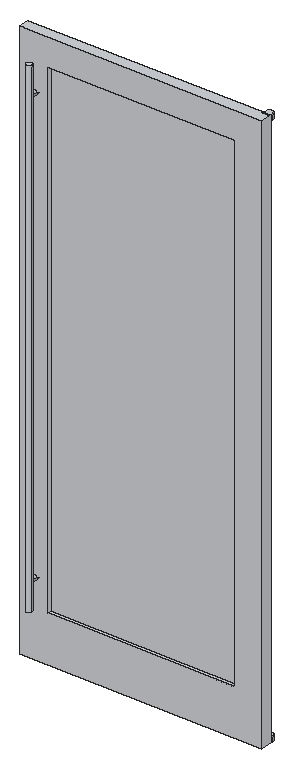
Revit family "DOOR_Single Glass_Stile & Rail_Curtain Wall", category Doors, Revit 2024
Family settings
  Always vertical = Yes
  Cut with Voids When Loaded = No
  Shared = No
  Room Calculation Point = No
Parameters (values of type "Default - Exterior")
  t = Thickness_Patch / 2  # 28.575 mm
  o = polr + t  # 49.213 mm
  co reduction [instance] = Offset_CL Pull to CL Panel + Radius_Pull + o + polr  # 146.05 mm
  Wall Thickness [instance] = 152.4 mm
  Vertical Pull = yes
  Thickness = 44.45 mm
  Push Side ADA Clearance [instance] = 1219.2 mm + Offset_Backset to OSF Leaf  # 1247.775 mm
  Pull Side ADA Clearance [instance] = 1524 mm - Offset_Backset to OSF Leaf  # 1495.425 mm
  Panic Device = no
  Thickness_Patch = 57.15 mm
  Thickness\u001f_Panel = 12.7 mm
  Stile & Rail Material [instance] = none
  Radius_Pull = 15.875 mm
  Pull Material [instance] = none
  polr = 20.638 mm
  pofb = 19.05 mm
  Pivot Material [instance] = none
  Offset_Backset to OSF Leaf [instance] = 28.575 mm
  Offset_FF to Top of Pull [instance] = Door Height - Stile Width  # 2970.288 mm
  Offset_FF to Bottom of Panic Pull = 1066.8 mm
  Offset_FF to Bottom Of Pull = 254 mm
  Offset_CL Pull to Edge of Panel = 76.2 mm
  Offset_CL Pull to CL Panel = 60.325 mm
  Offset_CL Mount to End of Pull = 152.4 mm
  Stile Width = 152.4 mm
  Length_Handle [instance] = Offset_FF to Top of Pull - Offset_FF to Bottom Of Pull  # 2716.288 mm
  Panel Material [instance] = none
  Function = Exterior
  EA_Repath [instance] = 0 mm
  Double Swing Option [instance] = yes
  Double ADA Clearance Lines [instance] = yes
  Door Height [instance] = 3122.688 mm
  Define Thermal Properties by = Schematic Type
  Backset [instance] = 0 mm
  Assembly Code = "B2030100"
  Analytic Construction = "<None>"
  Single ADA Clearance Lines [instance] = yes
Types (2, lengths in mm): name | Function
  Default - Exterior | Exterior
  Default - Interior | Interior
Reference planes
  plane 1 "Wall Centerline": y = -0.084
  plane 2: z = 0
  plane 3: x = 1128.349
  plane 4: x = 456.043
  plane 5: x = 1800.655
  plane 6: z = 3122.688
  plane 7 "Door Centerline": y = 28.491
  plane 8: z = 254
  plane 9: z = 2970.288
  plane 10: z = 101.6
  plane 11: z = 2970.288
  plane 12 "Clear Opening": x = 1654.605
  plane 13 "OSF Door": y = 57.066
  plane 14 "Pivot Axis (Left/Right)": y = 76.116
  plane 15: x = 1730.805
  plane 16: x = 1780.018
  plane 17: z = 3090.938
  plane 18 "Backset": y = -0.084
  plane 19: x = 1648.255
  plane 20: x = 608.443
  plane 21: x = 1753.03
  plane 22: x = 1708.58
  plane 23: y = 38.016
  plane 24: y = 104.691
  plane 25: y = -47.709
  plane 26: y = -104.859
Forms (mm)
  Extrusion 1, solid, material <- "Panel Material"
    sketch origin (0, 0, 0) x (1, 0, 0) y (0, 1, 0)
      loop
        line (608.443, 34.841) -> (608.443, 22.141) -> (1648.255, 22.141) -> (1648.255, 34.841) -> (608.443, 34.841)
    from 254 to 2970.288
  Extrusion 2, solid, material <- "Pivot Material"
    sketch origin (1613.977, -206.538, 0) x (0, -1, 0) y (1, 0, 0)
      loop
        line (-262.017, 185.091) -> (-282.655, 185.091)
        arc (-282.655, 185.091) -> (-301.486, 168.923) -> (-288.353, 147.863) r 19.05
        line (-288.353, 147.863) -> (-262.017, 139.608) -> (-262.017, 185.091)
    from 0 to 28.575
  Extrusion 3, solid, material <- "Pivot Material"
    sketch origin (1613.977, -206.538, 2924.175) x (-1, 0, 0) y (0, -1, 0)
      loop
        line (-185.091, -262.017) -> (-185.091, -282.655)
        arc (-185.091, -282.655) -> (-168.923, -301.486) -> (-147.863, -288.353) r 19.05
        line (-147.863, -288.353) -> (-139.608, -262.017) -> (-185.091, -262.017)
    from 166.763 to 198.513
  Extrusion 4, solid, material <- "Stile & Rail Material"
    sketch origin (8.124, 28.491, 0) x (1, 0, 0) y (0, 0, 1)
      loop
        line (1792.531, 3122.688) -> (447.919, 3122.688) -> (447.919, 0) -> (1792.531, 0) -> (1792.531, 3122.688)
      loop
        line (1640.131, 2970.288) -> (600.319, 2970.288) -> (600.319, 254) -> (1640.131, 254) -> (1640.131, 2970.288)
    from -28.575 to 28.575
Lines and regions (mm)
  symbolic lines, style "Elevation Swing"
    curve 1: line (456.043, 0, 3122.688) -> (1800.655, 0, 1561.344)
    curve 2: line (456.043, 0, 0) -> (1800.655, 0, 1561.344)
  symbolic lines, style "DoorsFrameMullionProjection"
    curve 3: line (1708.58, 57.066, 0) -> (1753.03, 57.066, 0)
    curve 4: line (1753.03, 1399.177, 0) -> (1753.03, 1246.777, 0)
    curve 5: line (1708.58, 1399.177, 0) -> (1708.58, 1246.777, 0)
    curve 13: line (1708.58, 1399.177, 0) -> (1753.03, 1399.177, 0)
    curve 20: line (1708.58, 1246.777, 0) -> (1753.03, 1246.777, 0)
    curve 23: line (1753.03, 209.466, 0) -> (1753.03, 57.066, 0)
    curve 24: line (1708.58, 209.466, 0) -> (1708.58, 57.066, 0)
    curve 25: line (1708.58, 209.466, 0) -> (1753.03, 209.466, 0)
  symbolic lines, style "Plan Swing"
    curve 6: line (1724.455, 1246.777, 0) -> (1724.455, 209.466, 0)
    curve 7: line (1737.155, 209.466, 0) -> (1737.155, 1246.777, 0)
    curve 9: circle (1780.018, 76.116, 0) r 19.05 normal (0, 0, -1)
    curve 10: line (1780.018, 95.166, 0) -> (1780.018, 57.066, 0)
    curve 11: line (1760.968, 76.116, 0) -> (1799.068, 76.116, 0)
    curve 14: arc (456.043, 76.116, 0) -> (826.585, 994.744, 0) -> (1730.805, 1399.177, 0) r 1323.975
    curve 21: line (1708.58, 1246.777, 0) -> (1708.58, 209.466, 0)
    curve 22: line (1753.03, 1246.777, 0) -> (1753.03, 209.466, 0)
  symbolic lines, style "Plan Swing", visible <- "Vertical Pull"
    curve 8: circle (1670.48, 1322.977, 0) r 15.875 normal (0, 0, -1)
    curve 12: circle (1791.13, 1322.977, 0) r 15.875 normal (0, 0, 1)
  symbolic lines, style "ADA Clearance Lines", visible <- "Single ADA Clearance Lines"
    curve 15: line (1708.58, -1295.484, 0) -> (1708.58, 1600.116, 0)
    curve 16: line (1708.58, 1600.116, 0) -> (-1.157, 1600.116, 0)
    curve 17: line (-1.157, 1600.116, 0) -> (-1.157, 104.691, 0)
    curve 18: line (151.243, -47.709, 0) -> (151.243, -1295.484, 0)
    curve 19: line (151.243, -1295.484, 0) -> (1708.58, -1295.484, 0)
  symbolic lines, style "DoorsFrameMullionProjection", visible <- "Double Swing Option"
    curve 26: line (1753.03, -1285.044, 0) -> (1753.03, -1132.644, 0)
    curve 27: line (1708.58, -1285.044, 0) -> (1708.58, -1132.644, 0)
    curve 31: line (1708.58, -1285.044, 0) -> (1753.03, -1285.044, 0)
    curve 33: line (1708.58, -1132.644, 0) -> (1753.03, -1132.644, 0)
    curve 36: line (1753.03, -95.334, 0) -> (1753.03, 57.066, 0)
    curve 37: line (1708.58, -95.334, 0) -> (1708.58, 57.066, 0)
    curve 38: line (1708.58, -95.334, 0) -> (1753.03, -95.334, 0)
  symbolic lines, style "Plan Swing", visible <- "Double Swing Option"
    curve 28: line (1724.455, -1132.644, 0) -> (1724.455, -95.334, 0)
    curve 29: line (1737.155, -95.334, 0) -> (1737.155, -1132.644, 0)
    curve 30: circle (1670.48, -1208.844, 0) r 15.875 normal (0, 0, 1)
    curve 32: arc (456.043, 38.016, 0) -> (826.585, -880.611, 0) -> (1730.805, -1285.044, 0) r 1323.975
    curve 34: line (1708.58, -1132.644, 0) -> (1708.58, -95.334, 0)
    curve 35: line (1753.03, -1132.644, 0) -> (1753.03, -95.334, 0)
    curve 44: circle (1791.13, -1208.844, 0) r 15.875 normal (0, 0, -1)
  symbolic lines, style "ADA Clearance Lines", visible <- "Double ADA Clearance Lines"
    curve 39: line (1708.58, -1600.284, 0) -> (1708.58, 1600.116, 0)
    curve 40: line (1708.58, 1600.116, 0) -> (-1.157, 1600.116, 0)
    curve 41: line (-1.157, 1600.116, 0) -> (-1.157, 104.691, 0)
    curve 42: line (-1.157, -104.859, 0) -> (-1.157, -1600.284, 0)
    curve 43: line (-1.157, -1600.284, 0) -> (1708.58, -1600.284, 0)
Text (mm)
  text "Exterior" at (-1298.825, 456.976, 0), in view "Base Line"
Dimensions and locks
  equal spacing: plane 4, plane 3, plane 5
  "Offset_FF to Bottom Of Pull": plane 8 to plane 2
  locked: plane 10 to plane 2 at 101.6
  "Offset_FF to Top of Pull": plane 11 to plane 2
  equal spacing: Extrusion 1 sketch curve, plane 7 "Door Centerline", Extrusion 1 sketch curve
  "Thickness\u001f_Panel": Extrusion 1 sketch curve to Extrusion 1 sketch curve
  "t": plane 7 "Door Centerline" to plane 13 "OSF Door"
  "pofb": plane 14 "Pivot Axis (Left/Right)" to plane 13 "OSF Door"
  equal spacing: curve 6, plane 15, curve 7
  "Thickness\u001f_Panel": curve 6 to curve 7
  "Offset_CL Pull to CL Panel": curve 8 to plane 15
  plane 14 "Pivot Axis (Left/Right)" to plane 13 "OSF Door" = 19.05 mm
  "polr": plane 5 to plane 16
  "o": plane 16 to plane 15
  "Offset_CL Pull to CL Panel": curve 12 to plane 15
  "co reduction": plane 12 "Clear Opening" to plane 5
  locked: plane 17 to plane 6 at 31.75
  "Offset_CL Pull to Edge of Panel": plane 4 to nested 1
  "Offset_CL Pull to Edge of Panel": plane 4 to nested 2
  "Offset_CL Pull to Edge of Panel": curve 12 to curve 13
  "Offset_CL Pull to Edge of Panel": curve 8 to curve 13
  equal spacing: plane 2, curve 2, plane 6
  "Backset": plane 18 "Backset" to plane 1 "Wall Centerline"
  "Offset_Backset to OSF Leaf": plane 18 "Backset" to plane 7 "Door Centerline"
  "Pull Side ADA Clearance": curve 16 to plane 24
  "Push Side ADA Clearance": plane 25 to curve 19
  curve 18 to plane 4 = 304.8 mm
  curve 17 to plane 4 = 457.2 mm
  "Stile Width": plane 19 to plane 5
  "Stile Width": plane 4 to plane 20
  "Stile Width": plane 9 to plane 6
  "Stile Width": curve 20 to curve 13
  "Stile Width": curve 3 to curve 25
  equal spacing: plane 22, plane 15, plane 21
  "Thickness": plane 22 to plane 21
  "Door Height": plane 2 to plane 6
  curve 28 to curve 29 = 12.7 mm
  "Thickness\u001f_Panel": curve 28 to curve 29
  "Offset_CL Pull to Edge of Panel": curve 30 to curve 31
  "Stile Width": curve 33 to curve 31
  "Stile Width": curve 3 to curve 38
  "Pull Side ADA Clearance": plane 26 to curve 43
  "Pull Side ADA Clearance": curve 40 to plane 24
  curve 41 to plane 4 = 457.2 mm
  curve 42 to plane 4 = 457.2 mm
  "pofb": plane 13 "OSF Door" to plane 23
  "Offset_CL Pull to CL Panel": curve 44 to plane 15
  equal spacing: plane 24, plane 7 "Door Centerline", plane 25
  "Wall Thickness": plane 24 to plane 25
  "Thickness_Patch": plane 25 to plane 26
  "Radius_Pull": radius of curve 8
  "Radius_Pull": radius of curve 12
  "Radius_Pull": radius of curve 30
  "Radius_Pull": radius of curve 44
  aligned and locked: level to plane 2
  aligned and locked: plane 7 "Door Centerline" to nested 1
  aligned and locked: plane 7 "Door Centerline" to nested 2
  aligned and locked: Extrusion 3 to plane 17
  aligned and locked: plane 6 to Extrusion 3
  aligned and locked: plane 15 to curve 14
  aligned and locked: curve 13 to curve 14
  aligned and locked: curve 15 to curve 24
  aligned and locked: Extrusion 4 sketch curve to plane 4
  aligned and locked: plane 2 to Extrusion 4 sketch curve
  aligned and locked: plane 5 to Extrusion 4 sketch curve
  aligned and locked: Extrusion 4 sketch curve to plane 6
  aligned and locked: Extrusion 4 sketch curve to plane 8
  aligned and locked: Extrusion 4 sketch curve to plane 20
  aligned and locked: plane 19 to Extrusion 4 sketch curve
  aligned and locked: plane 9 to Extrusion 4 sketch curve
  aligned and locked: Extrusion 4 to plane 13 "OSF Door"
  aligned and locked: plane 1 "Wall Centerline" to Extrusion 4
  aligned and locked: Extrusion 1 sketch curve to plane 20
  aligned and locked: plane 19 to Extrusion 1 sketch curve
  aligned and locked: plane 8 to Extrusion 1
  aligned and locked: Extrusion 1 to plane 9
  aligned and locked: plane 6 to Extrusion 4
  aligned and locked: plane 4 to Extrusion 4
  aligned and locked: curve 4 to plane 21
  aligned and locked: plane 22 to curve 5
  aligned and locked: curve 15 to curve 5
  aligned and locked: curve 2 to Extrusion 4
  aligned and locked: curve 31 to curve 32
  aligned and locked: curve 37 to curve 15
  aligned and locked: curve 27 to curve 15
  aligned and locked: curve 39 to plane 22
  aligned and locked: plane 4 to curve 32
  aligned and locked: plane 23 to curve 32
  aligned and locked: plane 25 to curve 18
  aligned and locked: plane 24 to curve 17
  aligned and locked: plane 24 to curve 41
  aligned and locked: plane 26 to curve 42
Automatic sketch dimensions
  curve 1 to plane 4 = 0 mm
  curve 1 to plane 6 = 0 mm
  curve 2 to level = 0 mm
  plane 4 to curve 2 = 0 mm
  plane 14 "Pivot Axis (Left/Right)" to Extrusion 2 sketch curve = 0 mm
  Extrusion 2 sketch curve to plane 16 = 0 mm
  Extrusion 2 sketch curve to plane 14 "Pivot Axis (Left/Right)" = 5.698 mm
  Extrusion 2 sketch curve to plane 21 = 0.554 mm
  plane 13 "OSF Door" to Extrusion 2 sketch curve = 1.588 mm
  Extrusion 2 sketch curve to plane 5 = 1.587 mm
  plane 14 "Pivot Axis (Left/Right)" to Extrusion 3 sketch curve = 0 mm
  Extrusion 3 sketch curve to plane 16 = 0 mm
  plane 5 to Extrusion 3 sketch curve = 1.588 mm
  plane 14 "Pivot Axis (Left/Right)" to Extrusion 3 sketch curve = 5.698 mm
  plane 21 to Extrusion 3 sketch curve = 0.554 mm
  Extrusion 3 sketch curve to plane 13 "OSF Door" = 1.588 mm
  curve 9 to curve 14 = 0 mm  (x2)
  curve 14 to plane 4 = 0 mm
  curve 32 to plane 15 = 0 mm
  plane 14 "Pivot Axis (Left/Right)" to curve 11 = 0 mm
  plane 13 "OSF Door" to curve 10 = 0 mm
  curve 10 to plane 16 = 0 mm
  curve 32 to plane 16 = 0 mm
  plane 14 "Pivot Axis (Left/Right)" to curve 14 = 0 mm
  curve 14 to plane 16 = 0 mm
  plane 13 "OSF Door" to curve 3 = 0 mm
  plane 12 "Clear Opening" to curve 30 = 15.875 mm
  curve 26 to curve 44 = 76.2 mm
  curve 28 to plane 15 = 6.35 mm
Nested families
  nested 1: "Vertical Straight Pull" at (532.243, 28.491, 0), visible <- "Vertical Pull", type "Default"
    with Offset_FF to Top of Pull 2970.288 mm, Offset_FF to Bottom of Pull 254 mm, Offset_CL Pull to CL Panel 60.325 mm, Offset_CL Mount to End of Pull 152.4 mm
  nested 2: "Panic Device" at (664.229, 28.491, 0), visible <- "Panic Device", type "Default"
    with Radius_Pull 15.875 mm, Offset_FF to Top of Pull 2970.288 mm, Offset_FF to Bottom of Vertical Pull 254 mm, Offset_CL Pull to CL Panel 60.325 mm
Definition of nested family "Vertical Straight Pull"
  Parameters
    Radius_Pull = 15.875 mm
    Pull = none
    Offset_FF to Top of Pull = 1219.2 mm
    Offset_FF to Bottom of Pull = 304.8 mm
    Offset_CL Mount to End of Pull = 304.8 mm
    Offset_CL Pull to CL Panel = 76.2 mm
    Default Elevation = 0 mm
    Assembly Code = ""
  Reference planes
    plane 1 "Center (Front/Back)": y = 0
    plane 2: z = 0
    plane 3 "Center (Left/Right)": x = 0
    plane 4: y = 76.2
    plane 5: y = -76.2
    plane 6: z = 609.6
    plane 7: z = 914.4
    plane 8: z = 1219.2
    plane 9: z = 304.8
  Forms (mm)
    Extrusion 1, solid, material <- "Pull"
      sketch origin (0, 0, 0) x (1, 0, 0) y (0, 1, 0)
        loop
          circle (0, 76.2) r 15.875
        loop
          circle (0, -76.2) r 15.875
      from 304.8 to 1219.2
    Extrusion 2, solid
      sketch origin (0, 0, 0) x (1, 0, 0) y (0, 0, 1)
        loop
          circle (0, 914.4) r 15.875
        loop
          circle (0, 609.6) r 15.875
      from -76.2 to 76.2
  Dimensions and locks
    "Offset_CL Mount to End of Pull": plane 8 to plane 7
    "Offset_CL Mount to End of Pull": plane 6 to plane 9
    "Offset_FF to Bottom of Pull": plane 9 to plane 2
    "Offset_FF to Top of Pull": plane 8 to plane 2
    "Offset_CL Pull to CL Panel": plane 4 to plane 1 "Center (Front/Back)"
    "Offset_CL Pull to CL Panel": plane 5 to plane 1 "Center (Front/Back)"
    "Offset_CL Pull to CL Panel": plane 1 "Center (Front/Back)" to Extrusion 2
    "Offset_CL Pull to CL Panel": Extrusion 2 to plane 1 "Center (Front/Back)"
    "Radius_Pull": radius of Extrusion 1 sketch curve  (x2)
    "Radius_Pull": radius of Extrusion 2 sketch curve  (x2)
    aligned and locked: plane 8 to Extrusion 1
    aligned and locked: Extrusion 1 to plane 9
  Automatic sketch dimensions
    Extrusion 1 sketch curve to plane 3 "Center (Left/Right)" = 0 mm  (x2)
    Extrusion 1 sketch curve to plane 5 = 0 mm
    Extrusion 1 sketch curve to plane 4 = 0 mm
    Extrusion 2 sketch curve to plane 3 "Center (Left/Right)" = 0 mm  (x2)
    Extrusion 2 sketch curve to plane 6 = 0 mm
    Extrusion 2 sketch curve to plane 7 = 0 mm
Definition of nested family "Panic Device"
  Parameters
    Radius_Pull = 19.05 mm
    Pull = none
    Offset_FF to Top of Pull = 2413 mm
    Offset_FF to Bottom of Vertical Pull = 25.4 mm
    Offset_FF to Bottom of Panic Pull = 1066.8 mm
    Offset_CL Pull to CL Panel = 69.85 mm
    Offset_CL Mount to End of Pull = 152.4 mm
    Default Elevation = 0 mm
    Assembly Code = ""
  Reference planes
    plane 1 "Center (Front/Back)": y = 0
    plane 2: z = 0
    plane 3 "Center (Left/Right)": x = -131.986
    plane 4: z = 177.8
    plane 5: z = 2260.6
    plane 6: z = 2413
    plane 7: x = 579.214
    plane 8: x = 604.614
    plane 9: x = 579.214
    plane 10: z = 25.4
    plane 11: z = 1066.8
  Forms (mm)
    Extrusion 1, solid, material <- "Pull"
      sketch origin (0, 0, 0) x (1, 0, 0) y (0, 0, 1)
        loop
          circle (-131.986, 2260.6) r 19.05
      from -69.85 to 69.85
    Sweep 2, solid, material <- "Pull"
      path origin (0, 0, 0) x (1, 0, 0) y (0, 0, 1)
        loop
          line (-131.986, 2413) -> (-131.986, 1168.4)
          arc (-131.986, 1168.4) -> (-102.228, 1096.558) -> (-30.386, 1066.8) r 101.6
          line (-30.386, 1066.8) -> (477.614, 1066.8)
      profile origin (-131.986, 0, 1790.7) x (0, -1, 0) y (1, 0, 0)
        loop
          circle (69.85, 0) r 19.05
    Sweep 3, solid, material <- "Pull"
      path origin (0, 0, 0) x (1, 0, 0) y (0, 1, 0)
        loop
          line (483.964, -69.85) -> (509.364, -69.85)
          arc (509.364, -69.85) -> (558.755, -49.391) -> (579.214, 0) r 69.85
          line (579.214, 0) -> (579.214, 19.05)
      profile origin (496.664, -69.85, 0) x (0, 1, 0) y (0, 0, 1)
        loop
          circle (0, 1066.8) r 19.05
    Extrusion 4, solid, material <- "Pull"
      sketch origin (0, 0, 0) x (1, 0, 0) y (0, 1, 0)
        loop
          circle (-131.986, 69.85) r 19.05
      from 25.4 to 2413
    Extrusion 5, solid, material <- "Pull"
      sketch origin (0, 0, 0) x (1, 0, 0) y (0, 0, 1)
        loop
          circle (-131.986, 177.8) r 15.875
      from -69.85 to 0
  Dimensions and locks
    "Offset_CL Mount to End of Pull": plane 6 to plane 5
    "Offset_FF to Top of Pull": plane 6 to plane 2
    "Offset_CL Pull to CL Panel": Extrusion 1 to plane 1 "Center (Front/Back)"
    "Offset_CL Pull to CL Panel": Sweep 2 sketch curve to profile plane
    "Offset_CL Pull to CL Panel": plane 1 "Center (Front/Back)" to Extrusion 4 sketch curve
    "Offset_CL Pull to CL Panel": plane 1 "Center (Front/Back)" to Extrusion 1
    "Offset_FF to Bottom of Vertical Pull": plane 2 to plane 10
    "Offset_CL Mount to End of Pull": plane 4 to plane 10
    "Offset_FF to Bottom of Panic Pull": plane 11 to plane 2
    Sweep 3 sketch curve to plane 11 = 0 mm
    "Radius_Pull": radius of Extrusion 1 sketch curve
    "Radius_Pull": radius of Sweep 2 sketch curve
    "Offset_CL Pull to CL Panel": radius of Sweep 3 sketch curve
    "Radius_Pull": radius of Sweep 3 sketch curve
    "Radius_Pull": radius of Extrusion 4 sketch curve
    aligned and locked: plane 7 to Sweep 3 sketch curve
    aligned and locked: plane 6 to Extrusion 4
    aligned and locked: Extrusion 4 to plane 10
    aligned and locked: Sweep 2 sketch curve to plane 11
    aligned and locked: level to plane 2
    aligned: Sweep 2 to Sweep 3
    aligned and locked: plane 1 "Center (Front/Back)" to Extrusion 5
    aligned and locked: Extrusion 1 to Extrusion 5
  Automatic sketch dimensions
    Extrusion 1 sketch curve to plane 3 "Center (Left/Right)" = 0 mm
    Extrusion 1 sketch curve to plane 5 = 0 mm
    Sweep 2 sketch curve to profile plane = 0 mm
    Sweep 3 sketch curve to profile plane = 0 mm
    Sweep 3 sketch curve to plane 1 "Center (Front/Back)" = 0 mm
    Sweep 3 sketch curve to Sweep 3 sketch curve = 25.4 mm
    Sweep 3 sketch curve to Sweep 3 sketch curve = 19.05 mm
    Extrusion 4 sketch curve to plane 3 "Center (Left/Right)" = 0 mm
    Sweep 2 sketch curve to plane 3 "Center (Left/Right)" = 0 mm
    Sweep 2 sketch curve to plane 6 = 0 mm
    plane 3 "Center (Left/Right)" to Sweep 2 sketch curve = 101.6 mm
    Sweep 2 sketch curve to plane 9 = 101.6 mm
    Extrusion 5 sketch curve to plane 3 "Center (Left/Right)" = 0 mm
    Extrusion 5 sketch curve to plane 4 = 0 mm
    radius of Extrusion 5 sketch curve = 15.875 mm
